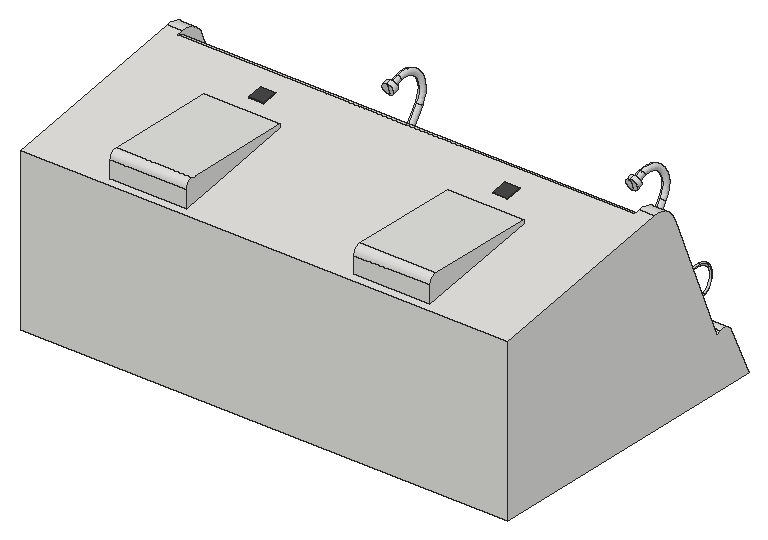
Revit family "Plumbing-Sink-Sloan-Valve-ESS-3200", category Plumbing Fixtures, host Face, Revit 2019 (continued)
Definition of nested family "Geometry"
  Automatic sketch dimensions
    curve 52 to curve 49 = 0.27705"
    plane 29 to curve 55 = 1.11561"
    curve 55 to curve 53 = 0.00002"
    curve 53 to curve 52 = 0.00055"
    curve 47 to curve 42 = 0.35896"
    curve 54 to curve 53 = 0.22092"
    curve 47 to curve 42 = 0.09124"
    curve 55 to curve 49 = 2.71492"
    plane 18 to curve 39 = 0.375"
    plane 18 to curve 40 = 0.375"
    curve 33 to plane 18 = 0.375"
    curve 34 to plane 18 = 0.375"
    plane 17 to curve 34 = 0.125"
    plane 17 to curve 33 = 0.125"
    curve 5 to plane 17 = 0.125"
    curve 2 to plane 17 = 0.125"
    curve 55 to curve 52 = 0.03596"
    curve 69 to curve 63 = 0.03596"
    curve 63 to curve 63 = 0.29005"
    curve 52 to curve 49 = 0.29005"
    curve 47 to plane 29 = 0.00"
    curve 68 to plane 29 = 0.15564"
    curve 54 to plane 29 = 0.15564"
    curve 37 to plane 29 = 1.48422"
    curve 33 to plane 29 = 1.48422"
    curve 39 to curve 37 = 0.00"
    plane 27 to curve 34 = 1.8932"
    plane 27 to curve 40 = 1.8932"
    plane 27 to curve 36 = 1.8932"
    curve 5 to curve 34 = 0.00"
    curve 38 to curve 40 = 0.00"
    curve 6 to plane 28 = 6.30203"
    curve 4 to plane 28 = 1.88178"
    curve 3 to plane 28 = 0.19697"
    curve 1 to plane 28 = 0.19657"
    curve 64 to curve 59 = 0.12963"
    curve 62 to curve 61 = 0.55474"
    curve 70 to curve 67 = 0.00001"
    curve 58 to curve 70 = 1.53938"
    plane 30 to Revolve 21 sketch curve = 0.00"
    plane 30 to Revolve 21 sketch curve = 0.0625"
    Revolve 21 sketch curve to plane 14 = 33.00"
    Revolve 21 sketch curve to Revolve 21 sketch curve = 0.21984"
    Revolve 21 sketch curve to Revolve 21 sketch curve = 0.03464"
    Revolve 21 sketch curve to plane 7 = 4.17932"
    Revolve 21 sketch curve to Revolve 21 sketch curve = 0.4296"
    Revolve 21 sketch curve to plane 7 = 4.21843"
    Revolve 21 sketch curve to Revolve 21 sketch curve = 0.04926"
    Revolve 21 sketch curve to Revolve 21 sketch curve = 0.0513"
    Revolve 21 sketch curve to Revolve 21 sketch curve = 0.64944"
    Revolve 21 sketch curve to plane 7 = 3.74631"
    Revolve 21 sketch curve to Revolve 21 sketch curve = 0.25"
    Extrusion 22 sketch curve to Extrusion 22 sketch curve = 0.00"  (x111)
    level to Extrusion 22 sketch curve = 8.60588"  (x2)
    Extrusion 22 sketch curve to plane 14 = 33.15198"
    level to Extrusion 22 sketch curve = 8.68733"  (x2)
    level to Extrusion 22 sketch curve = 8.66306"  (x2)
    Extrusion 22 sketch curve to Extrusion 22 sketch curve = 0.09056"  (x2)
    level to Extrusion 22 sketch curve = 8.63014"  (x2)
    level to Extrusion 22 sketch curve = 8.79858"  (x2)
    Extrusion 22 sketch curve to Extrusion 22 sketch curve = 0.0207"  (x2)
    level to Extrusion 22 sketch curve = 8.49462"  (x2)
    level to Extrusion 22 sketch curve = 8.58518"  (x2)
    Extrusion 22 sketch curve to Extrusion 22 sketch curve = 0.04497"  (x3)
    level to Extrusion 22 sketch curve = 8.70803"  (x2)
    Extrusion 22 sketch curve to Extrusion 22 sketch curve = 0.06143"
    Extrusion 23 sketch curve to Extrusion 23 sketch curve = 0.00"  (x244)
    Extrusion 23 sketch curve to plane 31 = 1.63957"
    level to Extrusion 23 sketch curve = 8.53383"
    Extrusion 23 sketch curve to Extrusion 23 sketch curve = 0.10758"  (x6)
    Extrusion 23 sketch curve to Extrusion 23 sketch curve = 0.15949"  (x5)
    level to Extrusion 23 sketch curve = 9.17859"
    Extrusion 23 sketch curve to Extrusion 23 sketch curve = 0.38895"
    Extrusion 23 sketch curve to Extrusion 23 sketch curve = 0.04216"  (x6)
    Extrusion 23 sketch curve to Extrusion 23 sketch curve = 0.0625"  (x4)
    Extrusion 23 sketch curve to Extrusion 23 sketch curve = 0.25973"  (x7)
    Extrusion 23 sketch curve to Extrusion 23 sketch curve = 0.10178"  (x8)
    Extrusion 23 sketch curve to Extrusion 23 sketch curve = 0.14597"
    Extrusion 23 sketch curve to Extrusion 23 sketch curve = 0.08838"  (x2)
    Extrusion 23 sketch curve to Extrusion 23 sketch curve = 0.22555"  (x2)
    Extrusion 23 sketch curve to Extrusion 23 sketch curve = 0.25062"
    radius of Sweep 11 sketch curve = 0.375"
    radius of Sweep 13 sketch curve = 0.125"
    radius of Sweep 15 sketch curve = 0.375"
    radius of Sweep 18 sketch curve = 0.125"
    radius of Extrusion 10 sketch curve = 0.75"
    radius of Extrusion 10 sketch curve = 0.25"  (x4)
    radius of curve 41 = 0.75"
    radius of curve 70 = 0.50"
    radius of curve 71 = 0.50"
    radius of Extrusion 22 sketch curve = 0.03234"
  Nested families (in)
    nested 1: "Mixer" at (-5, 13.52074, 5.27167) x (-1, 0, 0) z (0, 0.9135, 0.4067), visible <- "Mixer", type "Mixer"
    nested 2: "Mixer" at (7, 13.52074, 5.24336) x (1, 0, 0) z (0, 0.9135, 0.4067), visible <- "Mixer", type "Mixer"
  Definition of nested family "Mixer"
    Parameters (values of type "Mixer")
      Product Material = none
      Default Elevation = 48.00"
    Reference planes (in)
      plane 1 "Center (Front/Back)": y = 0
      plane 2: z = 0
      plane 3 "Center (Left/Right)": x = 0
      plane 4: x = 1.25197
    Forms (in)
      Revolve 1, solid, material <- "Product Material"
        sketch origin (3.14062, 0, -0.3995) x (1, 0, 0) y (0, 0, 1)
          loop
            line (-3.14062, 0.3995) -> (-1.88866, 0.3995) -> (-1.88866, 0.46298) -> (-2.10958, 0.84563) -> (-2.6509, 0.84563) -> (-2.6509, 1.17832) -> (-3.14062, 1.17832) -> (-3.14062, 0.3995)
          axis (-3.14062, 1.17832) -> (-3.14062, 0.3995)
        angle from 0 to 360
      Extrusion 2, solid, material <- "Product Material"
        sketch origin (3.14062, 0, -0.3995) x (1, 0, 0) y (0, 1, 0)
          loop
            arc (-3.40871, -1.45842) -> (-3.14062, -1.79788) -> (-2.87254, -1.45842) r 0.27559
            arc (-2.87254, -1.45842) -> (-2.82972, -0.71888) -> (-2.6509, 0) r 3.98928
            arc (-2.6509, 0) -> (-3.14062, 0.48972) -> (-3.63035, 0) r 0.48972
            arc (-3.63035, 0) -> (-3.45153, -0.71888) -> (-3.40871, -1.45842) r 3.98928
        from 1.17832 to 1.48277
      Extrusion 3, solid, material <- "Product Material"
        sketch origin (0, 0, 0) x (1, 0, 0) y (0, 1, 0)
          loop
            arc (0.24953, 1.22685) -> (0, 1.25197) -> (-0.24953, 1.22685) r 1.25197
            line (-0.24953, 1.22685) -> (-1.53938, 0.9645)
            arc (-1.53938, 0.9645) -> (-2.32746, 0) -> (-1.53938, -0.9645) r 0.98425
            line (-1.53938, -0.9645) -> (-0.24953, -1.22685)
            arc (-0.24953, -1.22685) -> (0, -1.25197) -> (0.24953, -1.22685) r 1.25197
            line (0.24953, -1.22685) -> (1.53938, -0.9645)
            arc (1.53938, -0.9645) -> (2.32746, 0) -> (1.53938, 0.9645) r 0.98425
            line (1.53938, 0.9645) -> (0.24953, 1.22685)
        from 0 to 0.06348
    Dimensions and locks (in)
      aligned and locked: level to plane 2
Types (2): name | z_Mixer | z_C | Part Number | Model
  ESS-3200 | no | no | "" | "ESS-3200"
  ESS-3200-C-ADM | yes | yes | "3850215" | "ESS-3200-C-ADM"
